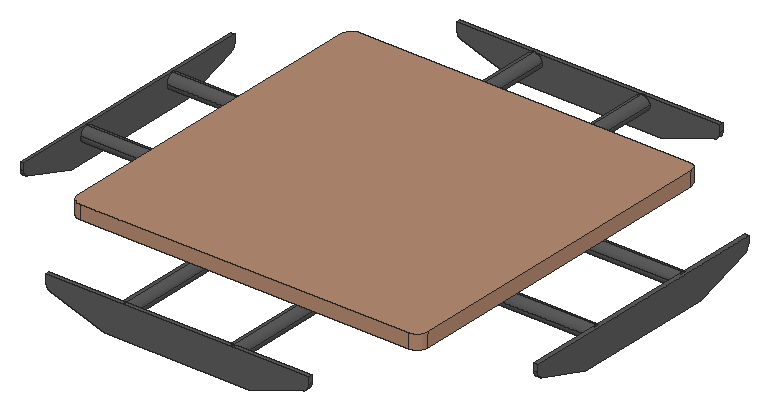
Revit family "FU_Bench_Sandler_Plania_PL90904", category Furniture, Revit 2020
Family settings
  OmniClass Number = 23.40.20.00
  OmniClass Title = General Furniture and Specialties
  Work Plane-Based = No
  Always vertical = Yes
  Cut with Voids When Loaded = No
  Shared = No
  Room Calculation Point = No
Parameters (values of type "PL90904")
  Width = 710 mm
  URL = "https://www.sandlerseating.com/product/pl90904/"
  Type Comments = "Plania connecting Top (4 ways 90°)"
  Top Finish = Wood - Oak - Walnut
  Model = "PL90904"
  Manufacturer = "Sandler"
  Frame Finish = Epoxy - M1_B00 - Black
  Elevation = 420 mm
  Depth = 710 mm
  Default Elevation = 0 mm
Reference planes
  plane 1 "Center (Front/Back)": y = 0
  plane 2: z = 0
  plane 3 "Center (Left/Right)": x = 0
  plane 4 "Right": x = -355
  plane 5 "Left": x = 355
  plane 6 "Back": y = 355
  plane 7 "Front": y = -355
  plane 8 "Elevation": z = 420
  plane 9 "Top Thickness": z = 401
Forms (mm)
  Extrusion 1, solid, material "Epoxy - M1_B00 - Black" <- "Frame Finish"
    sketch origin (-350, -93.338, 209) x (0, 1, 0) y (0, 0, -1)
      loop
        line (-87.162, -192) -> (273.838, -192) -> (273.838, -181.893)
        arc (273.838, -181.893) -> (271.953, -176.05) -> (267.011, -172.41) r 10
        line (267.011, -172.41) -> (193.047, -147.662) -> (-5.371, -147.662) -> (-80.335, -172.744)
        arc (-80.335, -172.744) -> (-85.278, -176.385) -> (-87.162, -182.228) r 10
        line (-87.162, -182.228) -> (-87.162, -192)
    from 0 to 5
  Extrusion 2, solid, material "Epoxy - M1_B00 - Black" <- "Frame Finish"
    sketch origin (93.338, 355, 209) x (-1, 0, 0) y (0, 0, -1)
      loop
        line (-87.162, -192) -> (273.838, -192) -> (273.838, -181.893)
        arc (273.838, -181.893) -> (271.953, -176.05) -> (267.011, -172.41) r 10
        line (267.011, -172.41) -> (193.047, -147.662) -> (-5.371, -147.662) -> (-80.335, -172.744)
        arc (-80.335, -172.744) -> (-85.278, -176.385) -> (-87.162, -182.228) r 10
        line (-87.162, -182.228) -> (-87.162, -192)
    from 0 to 5
  Sweep 3, solid, material "Epoxy - M1_B00 - Black" <- "Frame Finish"
    path origin (0, 0, 401) x (-1, 0, 0) y (0, -1, 0)
      loop
        line (74, -351.517) -> (74, -164)
        arc (74, -164) -> (100.36, -100.36) -> (164, -74) r 90
        line (164, -74) -> (350.774, -74)
    profile "Pro_Circles : 20mm" origin (-74, 257.759, 401) x (1, 0, 0) y (0, 0, 1)
      loop
        arc (-9.967, -9.933) -> (-7.115, -17.02) -> (-0.067, -19.967) r 9.901
        arc (-0.067, -19.967) -> (7.068, -17.068) -> (9.967, -9.933) r 9.901
        arc (9.967, -9.933) -> (7.02, -2.885) -> (-0.067, -0.033) r 9.901
        arc (-0.067, -0.033) -> (-7.067, -2.933) -> (-9.967, -9.933) r 9.9
  Extrusion 4, solid, material "Wood - Oak - Walnut" <- "Top Finish"
    sketch origin (0, 0, 401) x (-1, 0, 0) y (0, -1, 0)
      loop
        arc (225, -240) -> (235.607, -235.607) -> (240, -225) r 15
        line (240, -225) -> (240, 225)
        arc (240, 225) -> (235.607, 235.607) -> (225, 240) r 15
        line (225, 240) -> (-225, 240)
        arc (-225, 240) -> (-235.607, 235.607) -> (-240, 225) r 15
        line (-240, 225) -> (-240, -225)
        arc (-240, -225) -> (-235.607, -235.607) -> (-225, -240) r 15
        line (-225, -240) -> (225, -240)
    from 0 to 19
  Extrusion 5, solid, material "Epoxy - M1_B00 - Black" <- "Frame Finish"
    sketch origin (93.338, -355, 209) x (-1, 0, 0) y (0, 0, 1)
      loop
        line (-87.162, 192) -> (-87.162, 182.228)
        arc (-87.162, 182.228) -> (-85.278, 176.385) -> (-80.335, 172.744) r 10
        line (-80.335, 172.744) -> (-5.371, 147.662) -> (193.047, 147.662) -> (267.011, 172.41)
        arc (267.011, 172.41) -> (271.953, 176.05) -> (273.838, 181.893) r 10
        line (273.838, 181.893) -> (273.838, 192) -> (-87.162, 192)
    from 0 to 5
  Sweep 6, solid, material "Epoxy - M1_B00 - Black" <- "Frame Finish"
    path origin (0, 0, 401) x (-1, 0, 0) y (0, -1, 0)
      loop
        line (74, 351.517) -> (74, 164)
        arc (74, 164) -> (100.36, 100.36) -> (164, 74) r 90
        line (164, 74) -> (350.774, 74)
    profile "Pro_Circles : 20mm" origin (-74, -257.759, 401) x (-1, 0, 0) y (0, 0, 1)
      loop
        arc (9.967, -9.933) -> (7.067, -2.933) -> (0.067, -0.033) r 9.9
        arc (0.067, -0.033) -> (-7.02, -2.885) -> (-9.967, -9.933) r 9.901
        arc (-9.967, -9.933) -> (-7.068, -17.068) -> (0.067, -19.967) r 9.901
        arc (0.067, -19.967) -> (7.115, -17.02) -> (9.967, -9.933) r 9.901
  Extrusion 7, solid, material "Epoxy - M1_B00 - Black" <- "Frame Finish"
    sketch origin (350, -93.338, 209) x (0, 1, 0) y (0, 0, 1)
      loop
        line (-87.162, 192) -> (-87.162, 182.228)
        arc (-87.162, 182.228) -> (-85.278, 176.385) -> (-80.335, 172.744) r 10
        line (-80.335, 172.744) -> (-5.371, 147.662) -> (193.047, 147.662) -> (267.011, 172.41)
        arc (267.011, 172.41) -> (271.953, 176.05) -> (273.838, 181.893) r 10
        line (273.838, 181.893) -> (273.838, 192) -> (-87.162, 192)
    from 0 to 5
  Sweep 8, solid, material "Epoxy - M1_B00 - Black" <- "Frame Finish"
    path origin (0, 0, 401) x (1, 0, 0) y (0, 1, 0)
      loop
        line (74, 351.517) -> (74, 164)
        arc (74, 164) -> (100.36, 100.36) -> (164, 74) r 90
        line (164, 74) -> (350.774, 74)
    profile "Pro_Circles : 20mm" origin (74, 257.759, 401) x (1, 0, 0) y (0, 0, 1)
      loop
        arc (9.967, -9.933) -> (7.067, -2.933) -> (0.067, -0.033) r 9.9
        arc (0.067, -0.033) -> (-7.02, -2.885) -> (-9.967, -9.933) r 9.901
        arc (-9.967, -9.933) -> (-7.068, -17.068) -> (0.067, -19.967) r 9.901
        arc (0.067, -19.967) -> (7.115, -17.02) -> (9.967, -9.933) r 9.901
  Sweep 9, solid, material "Epoxy - M1_B00 - Black" <- "Frame Finish"
    path origin (0, 0, 401) x (1, 0, 0) y (0, 1, 0)
      loop
        line (74, -351.517) -> (74, -164)
        arc (74, -164) -> (100.36, -100.36) -> (164, -74) r 90
        line (164, -74) -> (350.774, -74)
    profile "Pro_Circles : 20mm" origin (74, -257.759, 401) x (-1, 0, 0) y (0, 0, 1)
      loop
        arc (-9.967, -9.933) -> (-7.115, -17.02) -> (-0.067, -19.967) r 9.901
        arc (-0.067, -19.967) -> (7.068, -17.068) -> (9.967, -9.933) r 9.901
        arc (9.967, -9.933) -> (7.02, -2.885) -> (-0.067, -0.033) r 9.901
        arc (-0.067, -0.033) -> (-7.067, -2.933) -> (-9.967, -9.933) r 9.9
Dimensions and locks
  equal spacing: plane 4 "Right", plane 3 "Center (Left/Right)", plane 5 "Left"
  "Width": plane 4 "Right" to plane 5 "Left"
  equal spacing: plane 6 "Back", plane 1 "Center (Front/Back)", plane 7 "Front"
  "Depth": plane 6 "Back" to plane 7 "Front"
  "Elevation": plane 8 "Elevation" to level
  plane 9 "Top Thickness" to level = 401 mm
  plane 8 "Elevation" to plane 9 "Top Thickness" = 19 mm
  aligned and locked: level to plane 2
Automatic sketch dimensions
  Extrusion 1 sketch curve to plane 9 "Top Thickness" = 9.772 mm
  plane 7 "Front" to Extrusion 1 sketch curve = 174.5 mm
  Extrusion 1 sketch curve to plane 9 "Top Thickness" = 19.256 mm
  Extrusion 1 sketch curve to Extrusion 1 sketch curve = 6.827 mm
  Extrusion 1 sketch curve to plane 9 "Top Thickness" = 44.338 mm
  Extrusion 1 sketch curve to Extrusion 1 sketch curve = 74.964 mm
  Extrusion 1 sketch curve to plane 1 "Center (Front/Back)" = 99.709 mm
  Extrusion 1 sketch curve to plane 9 "Top Thickness" = 10.107 mm
  Extrusion 1 sketch curve to Extrusion 1 sketch curve = 70.791 mm
  Extrusion 1 sketch curve to plane 9 "Top Thickness" = 19.59 mm
  Extrusion 1 sketch curve to Extrusion 1 sketch curve = 3.173 mm
  Extrusion 1 sketch curve to plane 9 "Top Thickness" = 0 mm
  Extrusion 2 sketch curve to plane 9 "Top Thickness" = 9.772 mm
  plane 5 "Left" to Extrusion 2 sketch curve = 174.5 mm
  Extrusion 2 sketch curve to plane 9 "Top Thickness" = 19.256 mm
  Extrusion 2 sketch curve to Extrusion 2 sketch curve = 6.827 mm
  Extrusion 2 sketch curve to plane 9 "Top Thickness" = 44.338 mm
  Extrusion 2 sketch curve to Extrusion 2 sketch curve = 74.964 mm
  Extrusion 2 sketch curve to plane 3 "Center (Left/Right)" = 99.709 mm
  Extrusion 2 sketch curve to plane 9 "Top Thickness" = 10.107 mm
  Extrusion 2 sketch curve to Extrusion 2 sketch curve = 70.791 mm
  Extrusion 2 sketch curve to plane 9 "Top Thickness" = 19.59 mm
  Extrusion 2 sketch curve to Extrusion 2 sketch curve = 3.173 mm
  Extrusion 2 sketch curve to plane 9 "Top Thickness" = 0 mm
  Sweep 3 sketch curve to plane 3 "Center (Left/Right)" = 74 mm
  Sweep 3 sketch curve to Sweep 3 sketch curve = 90 mm
  Sweep 3 sketch curve to plane 1 "Center (Front/Back)" = 164 mm
  Sweep 3 sketch curve to plane 4 "Right" = 4.226 mm
  Sweep 3 sketch curve to plane 6 "Back" = 3.483 mm
  plane 5 "Left" to Extrusion 4 sketch curve = 115 mm
  Extrusion 4 sketch curve to Extrusion 4 sketch curve = 15 mm  (x3)
  Extrusion 4 sketch curve to plane 4 "Right" = 130 mm  (x2)
  Extrusion 4 sketch curve to plane 6 "Back" = 115 mm
  plane 7 "Front" to Extrusion 4 sketch curve = 130 mm
  Extrusion 5 sketch curve to plane 9 "Top Thickness" = 9.772 mm
  plane 5 "Left" to Extrusion 5 sketch curve = 174.5 mm
  Extrusion 5 sketch curve to plane 9 "Top Thickness" = 19.256 mm
  Extrusion 5 sketch curve to Extrusion 5 sketch curve = 6.827 mm
  Extrusion 5 sketch curve to plane 9 "Top Thickness" = 44.338 mm
  Extrusion 5 sketch curve to Extrusion 5 sketch curve = 74.964 mm
  Extrusion 5 sketch curve to plane 3 "Center (Left/Right)" = 99.709 mm
  Extrusion 5 sketch curve to plane 9 "Top Thickness" = 10.107 mm
  Extrusion 5 sketch curve to Extrusion 5 sketch curve = 70.791 mm
  Extrusion 5 sketch curve to plane 9 "Top Thickness" = 19.59 mm
  Extrusion 5 sketch curve to Extrusion 5 sketch curve = 3.173 mm
  Extrusion 5 sketch curve to plane 9 "Top Thickness" = 0 mm
  Sweep 6 sketch curve to plane 3 "Center (Left/Right)" = 74 mm
  Sweep 6 sketch curve to Sweep 6 sketch curve = 90 mm
  plane 1 "Center (Front/Back)" to Sweep 6 sketch curve = 74 mm
  Sweep 6 sketch curve to plane 4 "Right" = 4.226 mm
  plane 7 "Front" to Sweep 6 sketch curve = 3.483 mm
  Extrusion 7 sketch curve to plane 9 "Top Thickness" = 9.772 mm
  plane 7 "Front" to Extrusion 7 sketch curve = 174.5 mm
  Extrusion 7 sketch curve to plane 9 "Top Thickness" = 19.256 mm
  Extrusion 7 sketch curve to Extrusion 7 sketch curve = 6.827 mm
  Extrusion 7 sketch curve to plane 9 "Top Thickness" = 44.338 mm
  Extrusion 7 sketch curve to Extrusion 7 sketch curve = 74.964 mm
  Extrusion 7 sketch curve to plane 1 "Center (Front/Back)" = 99.709 mm
  Extrusion 7 sketch curve to plane 9 "Top Thickness" = 10.107 mm
  Extrusion 7 sketch curve to Extrusion 7 sketch curve = 70.791 mm
  Extrusion 7 sketch curve to plane 9 "Top Thickness" = 19.59 mm
  Extrusion 7 sketch curve to Extrusion 7 sketch curve = 3.173 mm
  Extrusion 7 sketch curve to plane 9 "Top Thickness" = 0 mm
  plane 3 "Center (Left/Right)" to Sweep 8 sketch curve = 74 mm
  Sweep 8 sketch curve to Sweep 8 sketch curve = 90 mm
  Sweep 8 sketch curve to plane 1 "Center (Front/Back)" = 74 mm
  plane 5 "Left" to Sweep 8 sketch curve = 4.226 mm
  Sweep 8 sketch curve to plane 6 "Back" = 3.483 mm
  plane 3 "Center (Left/Right)" to Sweep 9 sketch curve = 74 mm
  Sweep 9 sketch curve to Sweep 9 sketch curve = 90 mm
  plane 1 "Center (Front/Back)" to Sweep 9 sketch curve = 164 mm
  plane 5 "Left" to Sweep 9 sketch curve = 4.226 mm
  plane 7 "Front" to Sweep 9 sketch curve = 3.483 mm
